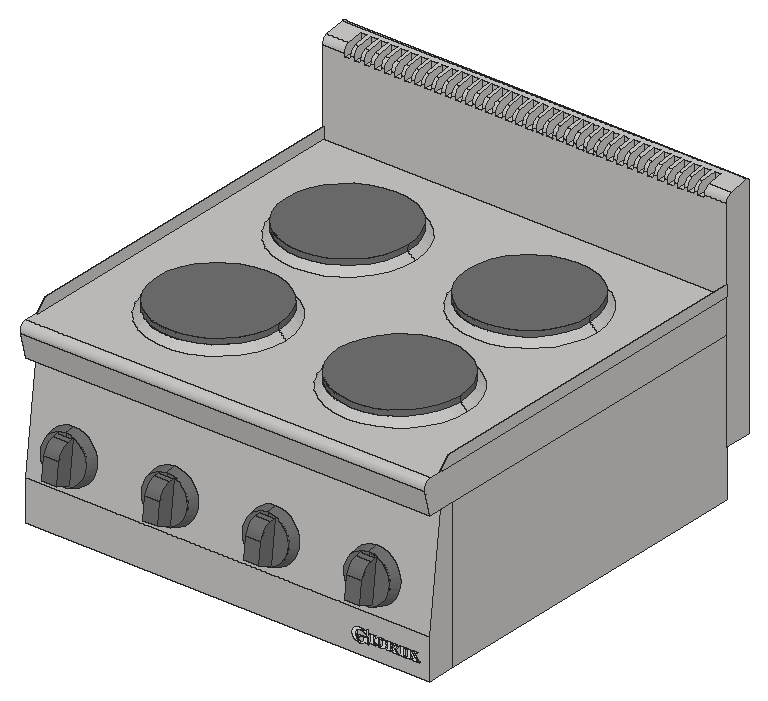
Revit family "QF_GIORIK_LPE6743", category Specialty Equipment, Revit 2014
Parameters (values of type "LPE6743")
  Weight in Pounds = 66.1386
  Watts = 8000 W
  Volts = 400 V
  URL Cutsheet = "www.giorik.com"
  URL = "www.giorik.com"
  Status [instance] = ""
  Specification by User [instance] = ""
  Specification by Manufacturer = ""
  Show Logo [instance] = yes
  Show Clearance [instance] = yes
  Serial Number = ""
  Seismic Rating = ""
  SMACNA No = ""
  Revision Code [instance] = ""
  Phase = 3
  Number of Poles [instance] = 3
  NAFEM Spec ID Number = ""
  Model = "LPE6743"
  Min Ckt Ampacity = 0 A
  Max Overcurrent Protection = 0 A
  Masterspec = ""
  Manufacturer = "GIORIK"
  Item Number [instance] = ""
  Installed By [instance] = ""
  Identify Quantity as Lot [instance] = no
  HP = "10.728160000000"
  Furnished By [instance] = ""
  Foodservice Equipment Identifier [instance] = yes
  FL Amps = 0 A
  Electrical Remarks [instance] = ""
  Electric Connection Type [instance] = ""
  Elec Conn RI Height [instance] = 0 mm
  Elec Conn Connection Height [instance] = 45 mm
  Description = "COOKING TOP 4 PLATES, 380V"
  Cycle = 50 Hz
  Conn Plug = ""
  CSI MasterFormat = ""
  Assembly Code = "E1090320"
  Apparent Power = 8000 VA
Reference planes
  plane 1 "Back": y = 0
  plane 2: z = 0
  plane 3 "Left": x = 0
  plane 4 "Right": x = 600
  plane 5 "Front": y = -600
  plane 6 "Top": z = 430
Forms (mm)
  Extrusion 1, solid
    sketch origin (0, 1000, -580) x (0, 1, 0) y (0, 0, 1)
      loop
        line (-1040.007, 869.975) -> (-1589.445, 869.975)
        arc (-1589.445, 869.975) -> (-1598.171, 865.672) -> (-1600.069, 856.13) r 10.999
        line (-1600.069, 856.13) -> (-1590.388, 820) -> (-1040.007, 820) -> (-1040.007, 869.975)
    from 0 to 600
  Extrusion 2, solid
    sketch origin (0, 0, -560) x (0, 1, 0) y (0, 0, 1)
      loop
        line (-570.06, 849.975) -> (-40.007, 849.975) -> (-40.007, 865.387) -> (-554.648, 865.387) -> (-570.06, 849.975)
    from 0 to 1.85
  Extrusion 3, solid
    sketch origin (0, 0, -560) x (0, 1, 0) y (0, 0, 1)
      loop
        line (-40.007, 800) -> (-550, 800) -> (-550, 580) -> (-40.007, 580) -> (-40.007, 800)
    from 0 to 600
  Extrusion 4, solid
    sketch origin (0, 0, -560) x (0, 1, 0) y (0, 0, 1)
      loop
        line (-550, 800) -> (-570.5, 800) -> (-590, 640) -> (-590, 580) -> (-550, 580) -> (-550, 800)
    from 0 to 600
  Extrusion 5, solid
    sketch origin (598.094, 0, -560) x (0, 1, 0) y (0, 0, 1)
      loop
        line (-570.06, 849.975) -> (-40.007, 849.975) -> (-40.007, 865.387) -> (-554.648, 865.387) -> (-570.06, 849.975)
    from -0.15 to 1.906
  Extrusion 6, solid
    sketch origin (0, 0, -560) x (0, 1, 0) y (0, 0, 1)
      loop
        line (-40.007, 974.217) -> (-40.007, 650.827) -> (0, 650.827) -> (0, 988.42)
        arc (0, 988.42) -> (-0.57, 989.648) -> (-1.878, 990) r 1.6
        line (-1.878, 990) -> (-31.072, 984.852)
        arc (-31.072, 984.852) -> (-37.477, 981.162) -> (-40.007, 974.217) r 10.797
    from 0 to 600
  Extrusion 7, solid
    sketch origin (568.319, 0, -561) x (1, 0, 0) y (0, 0, 1)
      loop
        circle (-38.319, 606) r 12.5
    from 20.007 to 40.007
  Extrusion 8, solid, visible <- "Show Logo"
    sketch origin (391.604, -590.5, -6.113) x (-1, 0, 0) y (0, 0, 1)
      loop
        line (-118.824, 58.358) -> (-127.804, 58.358) -> (-125.523, 56.445) -> (-125.523, 48.027) -> (-127.804, 46.113) -> (-118.824, 46.113) -> (-121.105, 48.027) -> (-121.105, 56.445) -> (-118.824, 58.358)
      loop
        line (-163.721, 58.358) -> (-172.7, 58.358) -> (-170.42, 56.445) -> (-170.42, 48.027) -> (-172.7, 46.113) -> (-163.721, 46.113) -> (-166.001, 48.027) -> (-166.001, 56.445) -> (-163.721, 58.358)
      loop
        line (-174.332, 58.358) -> (-183.312, 58.358) -> (-181.031, 56.445) -> (-181.031, 52.435) -> (-186.419, 56.955) -> (-184.416, 58.358) -> (-191.268, 58.358) -> (-188.01, 56.839) -> (-185.455, 54.283) -> (-190.846, 47.858) -> (-193.396, 46.93) -> (-193.396, 46.113) -> (-184.416, 46.113) -> (-185.437, 47.571) -> (-182.443, 51.552) -> (-181.031, 50.894) -> (-181.031, 48.027) -> (-183.312, 46.113) -> (-174.332, 46.113) -> (-176.613, 48.027) -> (-176.613, 56.445) -> (-174.332, 58.358)
      loop
        line (-115.429, 62.063) -> (-115.429, 54.198)
        arc (-115.429, 54.198) -> (-111.618, 57.803) -> (-106.847, 59.986) r 16.039
        arc (-106.847, 59.986) -> (-103.314, 59.837) -> (-100.512, 57.68) r 5.851
        arc (-100.512, 57.68) -> (-98.815, 52.267) -> (-100.512, 46.853) r 9.479
        arc (-100.512, 46.853) -> (-102.406, 44.986) -> (-104.846, 43.93) r 7.236
        arc (-104.846, 43.93) -> (-107.728, 44.111) -> (-110.052, 45.825) r 5.11
        line (-110.052, 45.825) -> (-110.052, 52.001) -> (-116.141, 52.001) -> (-116.141, 45.503) -> (-117.893, 43.751) -> (-114.094, 44.769)
        arc (-114.094, 44.769) -> (-112.56, 44.947) -> (-111.129, 44.366) r 3.115
        arc (-111.129, 44.366) -> (-104.216, 42.091) -> (-97.303, 44.366) r 11.641
        arc (-97.303, 44.366) -> (-93.396, 52.107) -> (-97.303, 59.849) r 9.622
        arc (-97.303, 59.849) -> (-104.369, 62.174) -> (-111.435, 59.849) r 11.898
        line (-111.435, 59.849) -> (-115.429, 62.063)
      loop
        arc (-129.234, 56.068) -> (-135.893, 58.628) -> (-142.552, 56.068) r 9.941
        arc (-142.552, 56.068) -> (-144.234, 52.286) -> (-142.552, 48.505) r 5.093
        arc (-142.552, 48.505) -> (-135.893, 45.945) -> (-129.234, 48.505) r 9.941
        arc (-129.234, 48.505) -> (-127.552, 52.286) -> (-129.234, 56.068) r 5.093
      loop
        arc (-132.628, 54.403) -> (-135.893, 57.668) -> (-139.158, 54.403) r 3.265
        line (-139.158, 54.403) -> (-139.158, 50.169)
        arc (-139.158, 50.169) -> (-135.893, 46.904) -> (-132.628, 50.169) r 3.265
        line (-132.628, 50.169) -> (-132.628, 54.403)
      loop
        arc (-156.363, 58.365) -> (-159.647, 55.081) -> (-156.363, 51.796) r 3.285
        line (-156.363, 51.796) -> (-159.529, 47.306) -> (-162.087, 46.113) -> (-155.847, 46.113) -> (-153.529, 51.083) -> (-150.637, 51.083) -> (-150.637, 47.784) -> (-153.022, 46.113) -> (-144.011, 46.113) -> (-146.094, 47.68) -> (-146.094, 56.493) -> (-144.229, 58.365) -> (-156.363, 58.365)
      loop
        line (-150.637, 57.512) -> (-153.637, 57.512)
        arc (-153.637, 57.512) -> (-156.237, 54.912) -> (-153.637, 52.312) r 2.6
        line (-153.637, 52.312) -> (-150.637, 52.312) -> (-150.637, 57.512)
      loop
        line (-108.924, 52.001) -> (-104.936, 49.005) -> (-100.948, 52.001) -> (-108.924, 52.001)
    from 1.5 to -0.5
  Extrusion 9, void
    sketch origin (17.5, 0, 430) x (0, 1, 0) y (-1, 0, 0)
      loop
        line (-40.007, -25) -> (-9.931, -25) -> (-9.931, -15) -> (-40.007, -15) -> (-40.007, -25)
      loop
        line (-40.007, -40) -> (-9.931, -40) -> (-9.931, -30) -> (-40.007, -30) -> (-40.007, -40)
      loop
        line (-40.007, -55) -> (-9.931, -55) -> (-9.931, -45) -> (-40.007, -45) -> (-40.007, -55)
      loop
        line (-40.007, -70) -> (-9.931, -70) -> (-9.931, -60) -> (-40.007, -60) -> (-40.007, -70)
      loop
        line (-40.007, -85) -> (-9.931, -85) -> (-9.931, -75) -> (-40.007, -75) -> (-40.007, -85)
      loop
        line (-40.007, -100) -> (-9.931, -100) -> (-9.931, -90) -> (-40.007, -90) -> (-40.007, -100)
      loop
        line (-40.007, -115) -> (-9.931, -115) -> (-9.931, -105) -> (-40.007, -105) -> (-40.007, -115)
      loop
        line (-40.007, -130) -> (-9.931, -130) -> (-9.931, -120) -> (-40.007, -120) -> (-40.007, -130)
      loop
        line (-40.007, -145) -> (-9.931, -145) -> (-9.931, -135) -> (-40.007, -135) -> (-40.007, -145)
      loop
        line (-40.007, -160) -> (-9.931, -160) -> (-9.931, -150) -> (-40.007, -150) -> (-40.007, -160)
      loop
        line (-40.007, -175) -> (-9.931, -175) -> (-9.931, -165) -> (-40.007, -165) -> (-40.007, -175)
      loop
        line (-40.007, -190) -> (-9.931, -190) -> (-9.931, -180) -> (-40.007, -180) -> (-40.007, -190)
      loop
        line (-40.007, -205) -> (-9.931, -205) -> (-9.931, -195) -> (-40.007, -195) -> (-40.007, -205)
      loop
        line (-40.007, -220) -> (-9.931, -220) -> (-9.931, -210) -> (-40.007, -210) -> (-40.007, -220)
      loop
        line (-40.007, -235) -> (-9.931, -235) -> (-9.931, -225) -> (-40.007, -225) -> (-40.007, -235)
      loop
        line (-40.007, -250) -> (-9.931, -250) -> (-9.931, -240) -> (-40.007, -240) -> (-40.007, -250)
      loop
        line (-40.007, -265) -> (-9.931, -265) -> (-9.931, -255) -> (-40.007, -255) -> (-40.007, -265)
      loop
        line (-40.007, -280) -> (-9.931, -280) -> (-9.931, -270) -> (-40.007, -270) -> (-40.007, -280)
      loop
        line (-40.007, -295) -> (-9.931, -295) -> (-9.931, -285) -> (-40.007, -285) -> (-40.007, -295)
      loop
        line (-40.007, -310) -> (-9.931, -310) -> (-9.931, -300) -> (-40.007, -300) -> (-40.007, -310)
      loop
        line (-40.007, -325) -> (-9.931, -325) -> (-9.931, -315) -> (-40.007, -315) -> (-40.007, -325)
      loop
        line (-40.007, -340) -> (-9.931, -340) -> (-9.931, -330) -> (-40.007, -330) -> (-40.007, -340)
      loop
        line (-40.007, -355) -> (-9.931, -355) -> (-9.931, -345) -> (-40.007, -345) -> (-40.007, -355)
      loop
        line (-40.007, -370) -> (-9.931, -370) -> (-9.931, -360) -> (-40.007, -360) -> (-40.007, -370)
      loop
        line (-40.007, -385) -> (-9.931, -385) -> (-9.931, -375) -> (-40.007, -375) -> (-40.007, -385)
      loop
        line (-40.007, -400) -> (-9.931, -400) -> (-9.931, -390) -> (-40.007, -390) -> (-40.007, -400)
      loop
        line (-40.007, -415) -> (-9.931, -415) -> (-9.931, -405) -> (-40.007, -405) -> (-40.007, -415)
      loop
        line (-40.007, -430) -> (-9.931, -430) -> (-9.931, -420) -> (-40.007, -420) -> (-40.007, -430)
      loop
        line (-40.007, -445) -> (-9.931, -445) -> (-9.931, -435) -> (-40.007, -435) -> (-40.007, -445)
      loop
        line (-40.007, -460) -> (-9.931, -460) -> (-9.931, -450) -> (-40.007, -450) -> (-40.007, -460)
      loop
        line (-40.007, -475) -> (-9.931, -475) -> (-9.931, -465) -> (-40.007, -465) -> (-40.007, -475)
      loop
        line (-40.007, -490) -> (-9.931, -490) -> (-9.931, -480) -> (-40.007, -480) -> (-40.007, -490)
      loop
        line (-40.007, -505) -> (-9.931, -505) -> (-9.931, -495) -> (-40.007, -495) -> (-40.007, -505)
      loop
        line (-40.007, -520) -> (-9.931, -520) -> (-9.931, -510) -> (-40.007, -510) -> (-40.007, -520)
      loop
        line (-40.007, -535) -> (-9.931, -535) -> (-9.931, -525) -> (-40.007, -525) -> (-40.007, -535)
      loop
        line (-40.007, -550) -> (-9.931, -550) -> (-9.931, -540) -> (-40.007, -540) -> (-40.007, -550)
    from 0 to -20
  Extrusion 10, solid
    sketch origin (566.603, 15.293, -30) x (0, 1, 0) y (-1, 0, 0)
      loop
        circle (-79.293, 516.603) r 5
    from 41.965 to 50
  Revolve 11, solid
    sketch origin (50, 19.943, -600) x (0, 1, 0) y (0, 0, 1)
      loop
        line (-83.943, 611.965) -> (-94.752, 611.965) -> (-97.943, 600) -> (-83.943, 600) -> (-83.943, 611.965)
      axis (-83.943, 611.965) -> (-83.943, 600)
    angle from 0 to 360
  Extrusion 12, solid
    sketch origin (33.397, 15.293, -30) x (0, 1, 0) y (-1, 0, 0)
      loop
        circle (-79.293, -516.603) r 5
    from 41.965 to 50
  Revolve 13, solid
    sketch origin (550, 19.943, -600) x (0, 1, 0) y (0, 0, -1)
      loop
        line (-83.943, -611.965) -> (-83.943, -600) -> (-97.943, -600) -> (-94.752, -611.965) -> (-83.943, -611.965)
      axis (-83.943, -611.965) -> (-83.943, -600)
    angle from 0 to 360
  Extrusion 14, solid
    sketch origin (566.603, -459.707, -30) x (0, 1, 0) y (-1, 0, 0)
      loop
        circle (-79.293, 516.603) r 5
    from 41.965 to 50
  Revolve 15, solid
    sketch origin (50, -455.057, -600) x (0, 1, 0) y (0, 0, 1)
      loop
        line (-83.943, 611.965) -> (-94.752, 611.965) -> (-97.943, 600) -> (-83.943, 600) -> (-83.943, 611.965)
      axis (-83.943, 611.965) -> (-83.943, 600)
    angle from 0 to 360
  Extrusion 16, solid
    sketch origin (33.397, -459.707, -30) x (0, 1, 0) y (-1, 0, 0)
      loop
        circle (-79.293, -516.603) r 5
    from 41.965 to 50
  Revolve 17, solid
    sketch origin (550, -455.057, -600) x (0, 1, 0) y (0, 0, -1)
      loop
        line (-83.943, -611.965) -> (-83.943, -600) -> (-97.943, -600) -> (-94.752, -611.965) -> (-83.943, -611.965)
      axis (-83.943, -611.965) -> (-83.943, -600)
    angle from 0 to 360
  Extrusion 18, solid
    sketch origin (-24.999, 31.516, 284.975) x (0, 1, 0) y (-1, 0, 0)
      loop
        circle (-231.5, -189.999) r 90
    from 23 to 15
  Blend 19, solid
    base sketch origin (719.361, -790.989, 289.975) x (0, 1, 0) y (-1, 0, 0)
      loop
        circle (591.004, 554.361) r 100
    top sketch origin (719.361, -790.989, 319.988) x (0, 1, 0) y (-1, 0, 0)
      loop
        circle (591.004, 554.361) r 90
    from 0 to -20.012
  Extrusion 20, solid
    sketch origin (-24.999, -671.522, 284.975) x (0, -1, 0) y (1, 0, 0)
      loop
        circle (-231.5, 189.999) r 90
    from 23 to 15
  Blend 21, solid
    base sketch origin (719.361, 150.982, 289.975) x (0, -1, 0) y (1, 0, 0)
      loop
        circle (591.004, -554.361) r 100
    top sketch origin (719.361, 150.982, 319.988) x (0, -1, 0) y (1, 0, 0)
      loop
        circle (591.004, -554.361) r 90
    from 0 to -20.012
  Revolve 22, solid
    sketch origin (75.155, -0.544, -560.03) x (0, 1, 0) y (0, 0, 1)
      loop
        line (-598.03, 706.389) -> (-594.27, 737.013) -> (-609.648, 734.852) -> (-613.772, 701.269) -> (-581.482, 697.305) -> (-580.629, 704.252) -> (-598.03, 706.389)
      axis (-581.482, 697.305) -> (-613.772, 701.269)
    angle from 0 to 360
  Extrusion 23, solid
    sketch origin (-87.831, -0.544, -560.03) x (0, 1, 0) y (0, 0, 1)
      loop
        line (-635.843, 711.553) -> (-639.647, 680.575) -> (-617.415, 671.593) -> (-610.135, 730.882) -> (-617.934, 729.786)
        arc (-617.934, 729.786) -> (-629.982, 723.708) -> (-635.843, 711.553) r 20.998
    from 151.831 to 173.831
  Revolve 24, solid
    sketch origin (225.155, -0.544, -560.03) x (0, 1, 0) y (0, 0, 1)
      loop
        line (-598.03, 706.389) -> (-594.27, 737.013) -> (-609.648, 734.852) -> (-613.772, 701.269) -> (-581.482, 697.305) -> (-580.629, 704.252) -> (-598.03, 706.389)
      axis (-581.482, 697.305) -> (-613.772, 701.269)
    angle from 0 to 360
  Extrusion 25, solid
    sketch origin (62.169, -0.544, -560.03) x (0, 1, 0) y (0, 0, 1)
      loop
        line (-635.843, 711.553) -> (-639.647, 680.575) -> (-617.415, 671.593) -> (-610.135, 730.882) -> (-617.934, 729.786)
        arc (-617.934, 729.786) -> (-629.982, 723.708) -> (-635.843, 711.553) r 20.998
    from 151.831 to 173.831
  Revolve 26, solid
    sketch origin (375.155, -0.544, -560.03) x (0, 1, 0) y (0, 0, 1)
      loop
        line (-598.03, 706.389) -> (-594.27, 737.013) -> (-609.648, 734.852) -> (-613.772, 701.269) -> (-581.482, 697.305) -> (-580.629, 704.252) -> (-598.03, 706.389)
      axis (-581.482, 697.305) -> (-613.772, 701.269)
    angle from 0 to 360
  Extrusion 27, solid
    sketch origin (212.169, -0.544, -560.03) x (0, 1, 0) y (0, 0, 1)
      loop
        line (-635.843, 711.553) -> (-639.647, 680.575) -> (-617.415, 671.593) -> (-610.135, 730.882) -> (-617.934, 729.786)
        arc (-617.934, 729.786) -> (-629.982, 723.708) -> (-635.843, 711.553) r 20.998
    from 151.831 to 173.831
  Revolve 28, solid
    sketch origin (525.155, -0.544, -560.03) x (0, 1, 0) y (0, 0, 1)
      loop
        line (-598.03, 706.389) -> (-594.27, 737.013) -> (-609.648, 734.852) -> (-613.772, 701.269) -> (-581.482, 697.305) -> (-580.629, 704.252) -> (-598.03, 706.389)
      axis (-581.482, 697.305) -> (-613.772, 701.269)
    angle from 0 to 360
  Extrusion 29, solid
    sketch origin (362.169, -0.544, -560.03) x (0, 1, 0) y (0, 0, 1)
      loop
        line (-635.843, 711.553) -> (-639.647, 680.575) -> (-617.415, 671.593) -> (-610.135, 730.882) -> (-617.934, 729.786)
        arc (-617.934, 729.786) -> (-629.982, 723.708) -> (-635.843, 711.553) r 20.998
    from 151.831 to 173.831
  Extrusion 30, solid
    sketch origin (245.001, 31.516, 284.975) x (0, 1, 0) y (-1, 0, 0)
      loop
        circle (-231.5, -189.999) r 90
    from 23 to 15
  Blend 31, solid
    base sketch origin (989.361, -790.989, 289.975) x (0, 1, 0) y (-1, 0, 0)
      loop
        circle (591.004, 554.361) r 100
    top sketch origin (989.361, -790.989, 319.988) x (0, 1, 0) y (-1, 0, 0)
      loop
        circle (591.004, 554.361) r 90
    from 0 to -20.012
  Extrusion 32, solid
    sketch origin (245.001, -671.522, 284.975) x (0, -1, 0) y (1, 0, 0)
      loop
        circle (-231.5, 189.999) r 90
    from 23 to 15
  Blend 33, solid
    base sketch origin (989.361, 150.982, 289.975) x (0, -1, 0) y (1, 0, 0)
      loop
        circle (591.004, -554.361) r 100
    top sketch origin (989.361, 150.982, 319.988) x (0, -1, 0) y (1, 0, 0)
      loop
        circle (591.004, -554.361) r 90
    from 0 to -20.012
Cuts and joins
  Extrusion 9 cuts Extrusion 6
Lines and regions (mm)
  symbolic lines, style "200-EquipBorder-2D"
    curve 1: line (600, 0, 0) -> (0, 0, 0)
    curve 2: line (0, 0, 0) -> (0, -600, 0)
    curve 79: line (600, -600, 430) -> (600, 0, 430)
    curve 125: line (600, -600, 430) -> (0, -600, 430)
    curve 126: spline (64, -618.202, 990) -> (60.789, -618.041, 990) -> (57.73, -617.841, 990) -> (54.856, -617.604, 990) -> (52.196, -617.332, 990) -> (49.779, -617.028, 990) -> (47.63, -616.696, 990) -> (45.772, -616.338, 990) -> (44.225, -615.96, 990) -> (43.004, -615.563, 990) -> (42.122, -615.154, 990) -> (41.59, -614.736, 990) -> (41.412, -614.313, 990)
    curve 127: spline (109.073, -614.408, 990) -> (108.819, -614.826, 990) -> (108.218, -615.239, 990) -> (107.275, -615.643, 990) -> (106.001, -616.033, 990) -> (104.408, -616.405, 990) -> (102.513, -616.755, 990) -> (100.336, -617.08, 990) -> (97.898, -617.376, 990) -> (95.227, -617.641, 990) -> (92.348, -617.871, 990) -> (89.293, -618.065, 990) -> (86.091, -618.219, 990)
    curve 128: line (41.412, -614.313, 990) -> (37.459, -600, 990)
    curve 129: line (109.073, -614.408, 990) -> (112.839, -600, 990)
    curve 130: line (64, -640.19, 430) -> (64, -610.679, 430)
    curve 131: line (64, -640.19, 430) -> (86, -640.19, 430)
    curve 132: line (86, -640.19, 430) -> (86, -610.679, 430)
    curve 133: spline (41.412, -614.313, 430) -> (42.564, -613.264, 430) -> (45.941, -612.286, 430) -> (51.314, -611.446, 430) -> (58.316, -610.802, 430) -> (66.47, -610.396, 430) -> (75.22, -610.258, 430) -> (83.97, -610.396, 430) -> (92.124, -610.802, 430) -> (99.126, -611.446, 430) -> (104.499, -612.286, 430) -> (107.877, -613.264, 430) -> (109.029, -614.313, 430)
    curve 134: line (64, -610.679, 430) -> (86, -610.679, 430)
    curve 135: spline (214, -618.202, 990) -> (210.789, -618.041, 990) -> (207.73, -617.841, 990) -> (204.856, -617.604, 990) -> (202.196, -617.332, 990) -> (199.779, -617.028, 990) -> (197.63, -616.696, 990) -> (195.772, -616.338, 990) -> (194.225, -615.96, 990) -> (193.004, -615.563, 990) -> (192.122, -615.154, 990) -> (191.59, -614.736, 990) -> (191.412, -614.313, 990)
    curve 136: spline (259.073, -614.408, 990) -> (258.819, -614.826, 990) -> (258.218, -615.239, 990) -> (257.275, -615.643, 990) -> (256.001, -616.033, 990) -> (254.408, -616.405, 990) -> (252.513, -616.755, 990) -> (250.336, -617.08, 990) -> (247.898, -617.376, 990) -> (245.227, -617.641, 990) -> (242.348, -617.871, 990) -> (239.293, -618.065, 990) -> (236.091, -618.219, 990)
    curve 137: line (191.412, -614.313, 990) -> (187.459, -600, 990)
    curve 138: line (259.073, -614.408, 990) -> (262.839, -600, 990)
    curve 139: line (214, -640.19, 430) -> (214, -610.679, 430)
    curve 140: line (214, -640.19, 430) -> (236, -640.19, 430)
    curve 141: line (236, -640.19, 430) -> (236, -610.679, 430)
    curve 142: spline (191.412, -614.313, 430) -> (192.564, -613.264, 430) -> (195.941, -612.286, 430) -> (201.314, -611.446, 430) -> (208.316, -610.802, 430) -> (216.47, -610.396, 430) -> (225.22, -610.258, 430) -> (233.97, -610.396, 430) -> (242.124, -610.802, 430) -> (249.126, -611.446, 430) -> (254.499, -612.286, 430) -> (257.877, -613.264, 430) -> (259.029, -614.313, 430)
    curve 143: line (214, -610.679, 430) -> (236, -610.679, 430)
    curve 144: spline (364, -618.202, 990) -> (360.789, -618.041, 990) -> (357.73, -617.841, 990) -> (354.856, -617.604, 990) -> (352.196, -617.332, 990) -> (349.779, -617.028, 990) -> (347.63, -616.696, 990) -> (345.772, -616.338, 990) -> (344.225, -615.96, 990) -> (343.004, -615.563, 990) -> (342.122, -615.154, 990) -> (341.59, -614.736, 990) -> (341.412, -614.313, 990)
    curve 145: spline (409.073, -614.408, 990) -> (408.819, -614.826, 990) -> (408.218, -615.239, 990) -> (407.275, -615.643, 990) -> (406.001, -616.033, 990) -> (404.408, -616.405, 990) -> (402.513, -616.755, 990) -> (400.336, -617.08, 990) -> (397.898, -617.376, 990) -> (395.227, -617.641, 990) -> (392.348, -617.871, 990) -> (389.293, -618.065, 990) -> (386.091, -618.219, 990)
    curve 146: line (341.412, -614.313, 990) -> (337.459, -600, 990)
    curve 147: line (409.073, -614.408, 990) -> (412.839, -600, 990)
    curve 148: line (364, -640.19, 430) -> (364, -610.679, 430)
    curve 149: line (364, -640.19, 430) -> (386, -640.19, 430)
    curve 150: line (386, -640.19, 430) -> (386, -610.679, 430)
    curve 151: spline (341.412, -614.313, 430) -> (342.564, -613.264, 430) -> (345.941, -612.286, 430) -> (351.314, -611.446, 430) -> (358.316, -610.802, 430) -> (366.47, -610.396, 430) -> (375.22, -610.258, 430) -> (383.97, -610.396, 430) -> (392.124, -610.802, 430) -> (399.126, -611.446, 430) -> (404.499, -612.286, 430) -> (407.877, -613.264, 430) -> (409.029, -614.313, 430)
    curve 152: line (364, -610.679, 430) -> (386, -610.679, 430)
    curve 153: spline (514, -618.202, 990) -> (510.789, -618.041, 990) -> (507.73, -617.841, 990) -> (504.856, -617.604, 990) -> (502.196, -617.332, 990) -> (499.779, -617.028, 990) -> (497.63, -616.696, 990) -> (495.772, -616.338, 990) -> (494.225, -615.96, 990) -> (493.004, -615.563, 990) -> (492.122, -615.154, 990) -> (491.59, -614.736, 990) -> (491.412, -614.313, 990)
    curve 154: spline (559.073, -614.408, 990) -> (558.819, -614.826, 990) -> (558.218, -615.239, 990) -> (557.275, -615.643, 990) -> (556.001, -616.033, 990) -> (554.408, -616.405, 990) -> (552.513, -616.755, 990) -> (550.336, -617.08, 990) -> (547.898, -617.376, 990) -> (545.227, -617.641, 990) -> (542.348, -617.871, 990) -> (539.293, -618.065, 990) -> (536.091, -618.219, 990)
    curve 155: line (491.412, -614.313, 990) -> (487.459, -600, 990)
    curve 156: line (559.073, -614.408, 990) -> (562.839, -600, 990)
    curve 157: line (514, -640.19, 430) -> (514, -610.679, 430)
    curve 158: line (514, -640.19, 430) -> (536, -640.19, 430)
    curve 159: line (536, -640.19, 430) -> (536, -610.679, 430)
    curve 160: spline (491.412, -614.313, 430) -> (492.564, -613.264, 430) -> (495.941, -612.286, 430) -> (501.314, -611.446, 430) -> (508.316, -610.802, 430) -> (516.47, -610.396, 430) -> (525.22, -610.258, 430) -> (533.97, -610.396, 430) -> (542.124, -610.802, 430) -> (549.126, -611.446, 430) -> (554.499, -612.286, 430) -> (557.877, -613.264, 430) -> (559.029, -614.313, 430)
    curve 161: line (514, -610.679, 430) -> (536, -610.679, 430)
  symbolic lines, style "200-EquipInternal-2D"
    curve 3: line (600, -40.007, 430) -> (0, -40.007, 430)
    curve 4: line (597.944, -570.06, 430) -> (600, -570.06, 430)
    curve 5: line (597.944, -40.007, 430) -> (597.944, -570.06, 430)
    curve 6: line (0, -570.06, 430) -> (1.85, -570.06, 430)
    curve 7: line (1.85, -570.06, 430) -> (1.85, -40.007, 430)
    curve 8: line (32.5, -9.931, 290) -> (32.5, -40.007, 290)
    curve 9: line (42.5, -40.007, 290) -> (42.5, -9.931, 290)
    curve 10: line (47.5, -9.931, 290) -> (47.5, -40.007, 290)
    curve 11: line (57.5, -40.007, 290) -> (57.5, -9.931, 290)
    curve 12: line (62.5, -9.931, 290) -> (62.5, -40.007, 290)
    curve 13: line (72.5, -40.007, 290) -> (72.5, -9.931, 290)
    curve 14: line (92.5, -9.931, 290) -> (92.5, -40.007, 290)
    curve 15: line (102.5, -40.007, 290) -> (102.5, -9.931, 290)
    curve 16: line (107.5, -9.931, 290) -> (107.5, -40.007, 290)
    curve 17: line (117.5, -40.007, 290) -> (117.5, -9.931, 290)
    curve 18: line (147.5, -40.007, 290) -> (147.5, -9.931, 290)
    curve 19: line (137.5, -9.931, 290) -> (137.5, -40.007, 290)
    curve 20: line (162.5, -40.007, 290) -> (162.5, -9.931, 290)
    curve 21: line (167.5, -9.931, 290) -> (167.5, -40.007, 290)
    curve 22: line (177.5, -40.007, 290) -> (177.5, -9.931, 290)
    curve 23: line (152.5, -9.931, 290) -> (152.5, -40.007, 290)
    curve 24: line (207.5, -40.007, 290) -> (207.5, -9.931, 290)
    curve 25: line (197.5, -9.931, 290) -> (197.5, -40.007, 290)
    curve 26: line (212.5, -9.931, 290) -> (212.5, -40.007, 290)
    curve 27: line (222.5, -40.007, 290) -> (222.5, -9.931, 290)
    curve 28: line (227.5, -9.931, 290) -> (227.5, -40.007, 290)
    curve 29: line (237.5, -40.007, 290) -> (237.5, -9.931, 290)
    curve 30: line (257.5, -9.931, 290) -> (257.5, -40.007, 290)
    curve 31: line (267.5, -40.007, 290) -> (267.5, -9.931, 290)
    curve 32: line (272.5, -9.931, 290) -> (272.5, -40.007, 290)
    curve 33: line (282.5, -40.007, 290) -> (282.5, -9.931, 290)
    curve 34: line (287.5, -9.931, 290) -> (287.5, -40.007, 290)
    curve 35: line (297.5, -40.007, 290) -> (297.5, -9.931, 290)
    curve 36: line (327.5, -40.007, 290) -> (327.5, -9.931, 290)
    curve 37: line (317.5, -9.931, 290) -> (317.5, -40.007, 290)
    curve 38: line (342.5, -40.007, 290) -> (342.5, -9.931, 290)
    curve 39: line (332.5, -9.931, 290) -> (332.5, -40.007, 290)
    curve 40: line (347.5, -9.931, 290) -> (347.5, -40.007, 290)
    curve 41: line (357.5, -40.007, 290) -> (357.5, -9.931, 290)
    curve 42: line (377.5, -9.931, 290) -> (377.5, -40.007, 290)
    curve 43: line (387.5, -9.931, 290) -> (377.5, -9.931, 290)
    curve 44: line (357.5, -9.931, 290) -> (347.5, -9.931, 290)
    curve 45: line (342.5, -9.931, 290) -> (332.5, -9.931, 290)
    curve 46: line (327.5, -9.931, 290) -> (317.5, -9.931, 290)
    curve 47: line (282.5, -9.931, 290) -> (272.5, -9.931, 290)
    curve 48: line (117.5, -9.931, 290) -> (107.5, -9.931, 290)
    curve 49: line (102.5, -9.931, 290) -> (92.5, -9.931, 290)
    curve 50: line (72.5, -9.931, 290) -> (62.5, -9.931, 290)
    curve 51: line (42.5, -9.931, 290) -> (32.5, -9.931, 290)
    curve 52: line (147.5, -9.931, 290) -> (137.5, -9.931, 290)
    curve 53: line (162.5, -9.931, 290) -> (152.5, -9.931, 290)
    curve 54: line (177.5, -9.931, 290) -> (167.5, -9.931, 290)
    curve 55: line (207.5, -9.931, 290) -> (197.5, -9.931, 290)
    curve 56: line (222.5, -9.931, 290) -> (212.5, -9.931, 290)
    curve 57: line (237.5, -9.931, 290) -> (227.5, -9.931, 290)
    curve 58: line (267.5, -9.931, 290) -> (257.5, -9.931, 290)
    curve 59: line (57.5, -9.931, 290) -> (47.5, -9.931, 290)
    curve 60: line (77.5, -9.931, 430) -> (77.5, -40.007, 430)
    curve 61: line (87.5, -40.007, 430) -> (87.5, -9.931, 430)
    curve 62: line (87.5, -9.931, 430) -> (77.5, -9.931, 430)
    curve 63: line (122.5, -9.931, 430) -> (122.5, -40.007, 430)
    curve 64: line (132.5, -40.007, 430) -> (132.5, -9.931, 430)
    curve 65: line (132.5, -9.931, 430) -> (122.5, -9.931, 430)
    curve 66: line (182.5, -9.931, 430) -> (182.5, -40.007, 430)
    curve 67: line (192.5, -40.007, 430) -> (192.5, -9.931, 430)
    curve 68: line (192.5, -9.931, 430) -> (182.5, -9.931, 430)
    curve 69: line (242.5, -9.931, 430) -> (242.5, -40.007, 430)
    curve 70: line (252.5, -40.007, 430) -> (252.5, -9.931, 430)
    curve 71: line (252.5, -9.931, 430) -> (242.5, -9.931, 430)
    curve 72: line (297.5, -9.931, 430) -> (287.5, -9.931, 430)
    curve 73: line (312.5, -9.931, 430) -> (302.5, -9.931, 430)
    curve 74: line (302.5, -9.931, 430) -> (302.5, -40.007, 430)
    curve 75: line (312.5, -40.007, 430) -> (312.5, -9.931, 430)
    curve 76: line (362.5, -9.931, 430) -> (362.5, -40.007, 430)
    curve 77: line (372.5, -40.007, 430) -> (372.5, -9.931, 430)
    curve 78: line (372.5, -9.931, 430) -> (362.5, -9.931, 430)
    curve 80: circle (165, -199.984, 290) r 90 normal (0, 0, 1)
    curve 81: circle (165, -199.984, 290) r 100 normal (0, 0, 1)
    curve 82: circle (165, -440.022, 290) r 90 normal (0, 0, 1)
    curve 83: circle (165, -440.022, 290) r 100 normal (0, 0, 1)
    curve 84: circle (435, -199.984, 290) r 90 normal (0, 0, 1)
    curve 85: circle (435, -199.984, 290) r 100 normal (0, 0, 1)
    curve 86: circle (435, -440.022, 290) r 90 normal (0, 0, 1)
    curve 87: circle (435, -440.022, 290) r 100 normal (0, 0, 1)
    curve 88: line (387.5, -40.007, 430) -> (387.5, -9.931, 430)
    curve 89: line (392.5, -9.931, 430) -> (392.5, -40.007, 430)
    curve 90: line (402.5, -40.007, 430) -> (402.5, -9.931, 430)
    curve 91: line (402.5, -9.931, 430) -> (392.5, -9.931, 430)
    curve 92: line (407.5, -9.931, 430) -> (407.5, -40.007, 430)
    curve 93: line (417.5, -9.931, 430) -> (407.5, -9.931, 430)
    curve 94: line (417.5, -40.007, 430) -> (417.5, -9.931, 430)
    curve 95: line (422.5, -9.931, 430) -> (422.5, -40.007, 430)
    curve 96: line (432.5, -9.931, 430) -> (422.5, -9.931, 430)
    curve 97: line (432.5, -40.007, 430) -> (432.5, -9.931, 430)
    curve 98: line (437.5, -9.931, 430) -> (437.5, -40.007, 430)
    curve 99: line (447.5, -9.931, 430) -> (437.5, -9.931, 430)
    curve 100: line (447.5, -40.007, 430) -> (447.5, -9.931, 430)
    curve 101: line (452.5, -9.931, 430) -> (452.5, -40.007, 430)
    curve 102: line (462.5, -9.931, 430) -> (452.5, -9.931, 430)
    curve 103: line (462.5, -40.007, 430) -> (462.5, -9.931, 430)
    curve 104: line (467.5, -9.931, 430) -> (467.5, -40.007, 430)
    curve 105: line (477.5, -9.931, 430) -> (467.5, -9.931, 430)
    curve 106: line (477.5, -40.007, 430) -> (477.5, -9.931, 430)
    curve 107: line (482.5, -9.931, 430) -> (482.5, -40.007, 430)
    curve 108: line (492.5, -9.931, 430) -> (482.5, -9.931, 430)
    curve 109: line (492.5, -40.007, 430) -> (492.5, -9.931, 430)
    curve 110: line (497.5, -9.931, 430) -> (497.5, -40.007, 430)
    curve 111: line (507.5, -9.931, 430) -> (497.5, -9.931, 430)
    curve 112: line (507.5, -40.007, 430) -> (507.5, -9.931, 430)
    curve 113: line (512.5, -9.931, 430) -> (512.5, -40.007, 430)
    curve 114: line (522.5, -9.931, 430) -> (512.5, -9.931, 430)
    curve 115: line (522.5, -40.007, 430) -> (522.5, -9.931, 430)
    curve 116: line (527.5, -9.931, 430) -> (527.5, -40.007, 430)
    curve 117: line (537.5, -9.931, 430) -> (527.5, -9.931, 430)
    curve 118: line (537.5, -40.007, 430) -> (537.5, -9.931, 430)
    curve 119: line (542.5, -9.931, 430) -> (542.5, -40.007, 430)
    curve 120: line (552.5, -9.931, 430) -> (542.5, -9.931, 430)
    curve 121: line (552.5, -40.007, 430) -> (552.5, -9.931, 430)
    curve 122: line (557.5, -9.931, 430) -> (557.5, -40.007, 430)
    curve 123: line (567.5, -9.931, 430) -> (557.5, -9.931, 430)
    curve 124: line (567.5, -40.007, 430) -> (567.5, -9.931, 430)
Dimensions and locks
  plane 3 "Left" to plane 4 "Right" = 600 mm
  plane 5 "Front" to plane 1 "Back" = 600 mm
  plane 4 "Right" to plane 3 "Left" = 600 mm
  plane 1 "Back" to plane 5 "Front" = 600 mm
  plane 6 "Top" to level = 430 mm  (x2)
  aligned and locked: level to plane 2
Connectors
  electrical at (530, -20.007, 45), driven by "Apparent Power", driven by "Volts", driven by "Number of Poles"
    settings: on Extrusion 7, index 1, voltage 400 V, apparent load 0 VA, apparent load phase1 8000 VA, apparent load phase2 0 VA, apparent load phase3 0 VA, power factor 1, load classification "Other", number of poles 3, system type 31, power factor state 1, is connector primary yes, connector utility no, sub classification motor no, connector description "Electrical connection"
